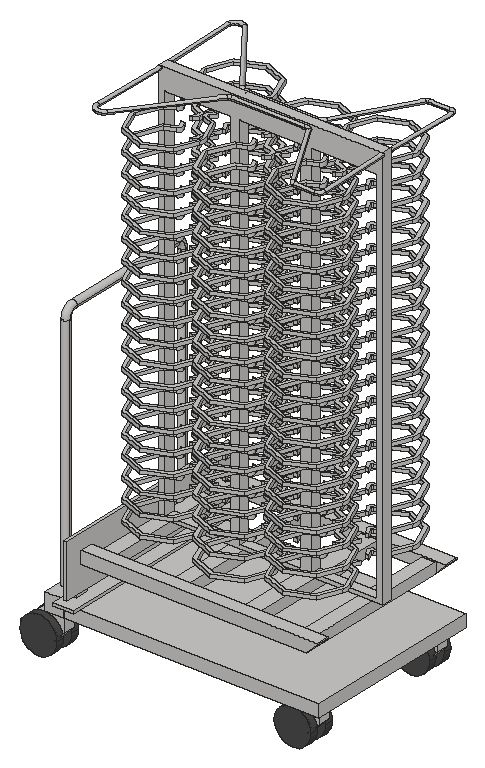
Revit family "QF_ELECTROLUXPROFESSIONAL_922764_TRBA116PL2021C", category Attrezzature speciali, Revit 2020 (continued)
Forms (mm)
  Extrusion 92, solid, material "QF_Finishes_Stainless Steel"
    sketch origin (0, 0, -165) x (1, 0, 0) y (0, 1, 0)
      loop
        line (622.82, -192.315) -> (592.098, -119.859) -> (503.779, -84.136) -> (416.069, -121.327) -> (386.559, -194.286)
        arc (386.559, -194.286) -> (383.642, -209.618) -> (386.815, -224.899) r 40
        line (386.815, -224.899) -> (417.538, -297.355) -> (452.988, -311.71)
        arc (452.988, -311.71) -> (455.84, -314.719) -> (455.442, -318.845) r 5
        line (455.442, -318.845) -> (443.228, -340) -> (456.234, -340) -> (466.099, -322.914)
        arc (466.099, -322.914) -> (467.293, -310.536) -> (458.738, -301.51) r 15
        line (458.738, -301.51) -> (426.361, -288.4) -> (392.491, -208.607) -> (428.561, -126.797) -> (504.818, -94.427)
    from 1622.45 to 1634.145
  Extrusion 93, solid, material "QF_Finishes_Stainless Steel"
    sketch origin (0, -716, -165) x (1, 0, 0) y (0, 1, 0)
      loop
        line (504.818, 94.427) -> (428.561, 126.797) -> (392.491, 208.607) -> (426.361, 288.4) -> (458.738, 301.51)
        arc (458.738, 301.51) -> (467.293, 310.536) -> (466.099, 322.914) r 15
        line (466.099, 322.914) -> (456.234, 340) -> (443.228, 340) -> (455.442, 318.845)
        arc (455.442, 318.845) -> (455.84, 314.719) -> (452.988, 311.71) r 5
        line (452.988, 311.71) -> (417.538, 297.355) -> (386.815, 224.899)
        arc (386.815, 224.899) -> (383.642, 209.618) -> (386.559, 194.286) r 40
        line (386.559, 194.286) -> (416.069, 121.327) -> (503.779, 84.136) -> (592.098, 119.859) -> (622.82, 192.315)
        arc (622.82, 192.315) -> (625.993, 207.596) -> (623.076, 222.928) r 40
        line (623.076, 222.928) -> (593.566, 295.887) -> (557.498, 311.181)
        arc (557.498, 311.181) -> (554.708, 314.196) -> (555.12, 318.284) r 5
        line (555.12, 318.284) -> (567.657, 340) -> (554.651, 340) -> (544.85, 323.024)
        arc (544.85, 323.024) -> (543.616, 310.765) -> (551.98, 301.717) r 15
        line (551.98, 301.717) -> (586.499, 287.064) -> (618.997, 206.718) -> (586.628, 130.461) -> (504.818, 94.427)
    from 1622.45 to 1634.145
  Extrusion 94, solid, material "QF_Finishes_Stainless Steel"
    sketch origin (0, 0, -231) x (1, 0, 0) y (0, 1, 0)
      loop
        line (504.818, -94.427) -> (586.628, -130.461) -> (618.997, -206.718) -> (586.499, -287.064) -> (551.98, -301.717)
        arc (551.98, -301.717) -> (543.616, -310.765) -> (544.85, -323.024) r 15
        line (544.85, -323.024) -> (554.651, -340) -> (567.657, -340) -> (555.12, -318.284)
        arc (555.12, -318.284) -> (554.708, -314.196) -> (557.498, -311.181) r 5
        line (557.498, -311.181) -> (593.566, -295.887) -> (623.076, -222.928)
        arc (623.076, -222.928) -> (625.993, -207.596) -> (622.82, -192.315) r 40
        line (622.82, -192.315) -> (592.098, -119.859) -> (503.779, -84.136) -> (416.069, -121.327) -> (386.559, -194.286)
        arc (386.559, -194.286) -> (383.642, -209.618) -> (386.815, -224.899) r 40
        line (386.815, -224.899) -> (417.538, -297.355) -> (452.988, -311.71)
        arc (452.988, -311.71) -> (455.84, -314.719) -> (455.442, -318.845) r 5
        line (455.442, -318.845) -> (443.228, -340) -> (456.234, -340) -> (466.099, -322.914)
        arc (466.099, -322.914) -> (467.293, -310.536) -> (458.738, -301.51) r 15
        line (458.738, -301.51) -> (426.361, -288.4) -> (392.491, -208.607) -> (428.561, -126.797) -> (504.818, -94.427)
    from 1622.45 to 1634.145
  Extrusion 95, solid, material "QF_Finishes_Stainless Steel"
    sketch origin (0, -716, -231) x (1, 0, 0) y (0, 1, 0)
      loop
        line (504.818, 94.427) -> (428.561, 126.797) -> (392.491, 208.607) -> (426.361, 288.4) -> (458.738, 301.51)
        arc (458.738, 301.51) -> (467.293, 310.536) -> (466.099, 322.914) r 15
        line (466.099, 322.914) -> (456.234, 340) -> (443.228, 340) -> (455.442, 318.845)
        arc (455.442, 318.845) -> (455.84, 314.719) -> (452.988, 311.71) r 5
        line (452.988, 311.71) -> (417.538, 297.355) -> (386.815, 224.899)
        arc (386.815, 224.899) -> (383.642, 209.618) -> (386.559, 194.286) r 40
        line (386.559, 194.286) -> (416.069, 121.327) -> (503.779, 84.136) -> (592.098, 119.859) -> (622.82, 192.315)
        arc (622.82, 192.315) -> (625.993, 207.596) -> (623.076, 222.928) r 40
        line (623.076, 222.928) -> (593.566, 295.887) -> (557.498, 311.181)
        arc (557.498, 311.181) -> (554.708, 314.196) -> (555.12, 318.284) r 5
        line (555.12, 318.284) -> (567.657, 340) -> (554.651, 340) -> (544.85, 323.024)
        arc (544.85, 323.024) -> (543.616, 310.765) -> (551.98, 301.717) r 15
        line (551.98, 301.717) -> (586.499, 287.064) -> (618.997, 206.718) -> (586.628, 130.461) -> (504.818, 94.427)
    from 1622.45 to 1634.145
  Extrusion 96, solid, material "QF_Finishes_Stainless Steel"
    sketch origin (0, 0, -297) x (1, 0, 0) y (0, 1, 0)
      loop
        line (504.818, -94.427) -> (586.628, -130.461) -> (618.997, -206.718) -> (586.499, -287.064) -> (551.98, -301.717)
        arc (551.98, -301.717) -> (543.616, -310.765) -> (544.85, -323.024) r 15
        line (544.85, -323.024) -> (554.651, -340) -> (567.657, -340) -> (555.12, -318.284)
        arc (555.12, -318.284) -> (554.708, -314.196) -> (557.498, -311.181) r 5
        line (557.498, -311.181) -> (593.566, -295.887) -> (623.076, -222.928)
        arc (623.076, -222.928) -> (625.993, -207.596) -> (622.82, -192.315) r 40
        line (622.82, -192.315) -> (592.098, -119.859) -> (503.779, -84.136) -> (416.069, -121.327) -> (386.559, -194.286)
        arc (386.559, -194.286) -> (383.642, -209.618) -> (386.815, -224.899) r 40
        line (386.815, -224.899) -> (417.538, -297.355) -> (452.988, -311.71)
        arc (452.988, -311.71) -> (455.84, -314.719) -> (455.442, -318.845) r 5
        line (455.442, -318.845) -> (443.228, -340) -> (456.234, -340) -> (466.099, -322.914)
        arc (466.099, -322.914) -> (467.293, -310.536) -> (458.738, -301.51) r 15
        line (458.738, -301.51) -> (426.361, -288.4) -> (392.491, -208.607) -> (428.561, -126.797) -> (504.818, -94.427)
    from 1622.45 to 1634.145
  Extrusion 97, solid, material "QF_Finishes_Stainless Steel"
    sketch origin (0, -716, -297) x (1, 0, 0) y (0, 1, 0)
      loop
        line (504.818, 94.427) -> (428.561, 126.797) -> (392.491, 208.607) -> (426.361, 288.4) -> (458.738, 301.51)
        arc (458.738, 301.51) -> (467.293, 310.536) -> (466.099, 322.914) r 15
        line (466.099, 322.914) -> (456.234, 340) -> (443.228, 340) -> (455.442, 318.845)
        arc (455.442, 318.845) -> (455.84, 314.719) -> (452.988, 311.71) r 5
        line (452.988, 311.71) -> (417.538, 297.355) -> (386.815, 224.899)
        arc (386.815, 224.899) -> (383.642, 209.618) -> (386.559, 194.286) r 40
        line (386.559, 194.286) -> (416.069, 121.327) -> (503.779, 84.136) -> (592.098, 119.859) -> (622.82, 192.315)
        arc (622.82, 192.315) -> (625.993, 207.596) -> (623.076, 222.928) r 40
        line (623.076, 222.928) -> (593.566, 295.887) -> (557.498, 311.181)
        arc (557.498, 311.181) -> (554.708, 314.196) -> (555.12, 318.284) r 5
        line (555.12, 318.284) -> (567.657, 340) -> (554.651, 340) -> (544.85, 323.024)
        arc (544.85, 323.024) -> (543.616, 310.765) -> (551.98, 301.717) r 15
        line (551.98, 301.717) -> (586.499, 287.064) -> (618.997, 206.718) -> (586.628, 130.461) -> (504.818, 94.427)
    from 1622.45 to 1634.145
  Extrusion 98, solid, material "QF_Finishes_Stainless Steel"
    sketch origin (0, 0, -363) x (1, 0, 0) y (0, 1, 0)
      loop
        line (504.818, -94.427) -> (586.628, -130.461) -> (618.997, -206.718) -> (586.499, -287.064) -> (551.98, -301.717)
        arc (551.98, -301.717) -> (543.616, -310.765) -> (544.85, -323.024) r 15
        line (544.85, -323.024) -> (554.651, -340) -> (567.657, -340) -> (555.12, -318.284)
        arc (555.12, -318.284) -> (554.708, -314.196) -> (557.498, -311.181) r 5
        line (557.498, -311.181) -> (593.566, -295.887) -> (623.076, -222.928)
        arc (623.076, -222.928) -> (625.993, -207.596) -> (622.82, -192.315) r 40
        line (622.82, -192.315) -> (592.098, -119.859) -> (503.779, -84.136) -> (416.069, -121.327) -> (386.559, -194.286)
        arc (386.559, -194.286) -> (383.642, -209.618) -> (386.815, -224.899) r 40
        line (386.815, -224.899) -> (417.538, -297.355) -> (452.988, -311.71)
        arc (452.988, -311.71) -> (455.84, -314.719) -> (455.442, -318.845) r 5
        line (455.442, -318.845) -> (443.228, -340) -> (456.234, -340) -> (466.099, -322.914)
        arc (466.099, -322.914) -> (467.293, -310.536) -> (458.738, -301.51) r 15
        line (458.738, -301.51) -> (426.361, -288.4) -> (392.491, -208.607) -> (428.561, -126.797) -> (504.818, -94.427)
    from 1622.45 to 1634.145
  Extrusion 99, solid, material "QF_Finishes_Stainless Steel"
    sketch origin (0, -716, -363) x (1, 0, 0) y (0, 1, 0)
      loop
        line (504.818, 94.427) -> (428.561, 126.797) -> (392.491, 208.607) -> (426.361, 288.4) -> (458.738, 301.51)
        arc (458.738, 301.51) -> (467.293, 310.536) -> (466.099, 322.914) r 15
        line (466.099, 322.914) -> (456.234, 340) -> (443.228, 340) -> (455.442, 318.845)
        arc (455.442, 318.845) -> (455.84, 314.719) -> (452.988, 311.71) r 5
        line (452.988, 311.71) -> (417.538, 297.355) -> (386.815, 224.899)
        arc (386.815, 224.899) -> (383.642, 209.618) -> (386.559, 194.286) r 40
        line (386.559, 194.286) -> (416.069, 121.327) -> (503.779, 84.136) -> (592.098, 119.859) -> (622.82, 192.315)
        arc (622.82, 192.315) -> (625.993, 207.596) -> (623.076, 222.928) r 40
        line (623.076, 222.928) -> (593.566, 295.887) -> (557.498, 311.181)
        arc (557.498, 311.181) -> (554.708, 314.196) -> (555.12, 318.284) r 5
        line (555.12, 318.284) -> (567.657, 340) -> (554.651, 340) -> (544.85, 323.024)
        arc (544.85, 323.024) -> (543.616, 310.765) -> (551.98, 301.717) r 15
        line (551.98, 301.717) -> (586.499, 287.064) -> (618.997, 206.718) -> (586.628, 130.461) -> (504.818, 94.427)
    from 1622.45 to 1634.145
  Extrusion 100, solid, material "QF_Finishes_Stainless Steel"
    sketch origin (0, 0, -429) x (1, 0, 0) y (0, 1, 0)
      loop
        line (504.818, -94.427) -> (586.628, -130.461) -> (618.997, -206.718) -> (586.499, -287.064) -> (551.98, -301.717)
        arc (551.98, -301.717) -> (543.616, -310.765) -> (544.85, -323.024) r 15
        line (544.85, -323.024) -> (554.651, -340) -> (567.657, -340) -> (555.12, -318.284)
        arc (555.12, -318.284) -> (554.708, -314.196) -> (557.498, -311.181) r 5
        line (557.498, -311.181) -> (593.566, -295.887) -> (623.076, -222.928)
        arc (623.076, -222.928) -> (625.993, -207.596) -> (622.82, -192.315) r 40
        line (622.82, -192.315) -> (592.098, -119.859) -> (503.779, -84.136) -> (416.069, -121.327) -> (386.559, -194.286)
        arc (386.559, -194.286) -> (383.642, -209.618) -> (386.815, -224.899) r 40
        line (386.815, -224.899) -> (417.538, -297.355) -> (452.988, -311.71)
        arc (452.988, -311.71) -> (455.84, -314.719) -> (455.442, -318.845) r 5
        line (455.442, -318.845) -> (443.228, -340) -> (456.234, -340) -> (466.099, -322.914)
        arc (466.099, -322.914) -> (467.293, -310.536) -> (458.738, -301.51) r 15
        line (458.738, -301.51) -> (426.361, -288.4) -> (392.491, -208.607) -> (428.561, -126.797) -> (504.818, -94.427)
    from 1622.45 to 1634.145
  Extrusion 101, solid, material "QF_Finishes_Stainless Steel"
    sketch origin (0, -716, -429) x (1, 0, 0) y (0, 1, 0)
      loop
        line (504.818, 94.427) -> (428.561, 126.797) -> (392.491, 208.607) -> (426.361, 288.4) -> (458.738, 301.51)
        arc (458.738, 301.51) -> (467.293, 310.536) -> (466.099, 322.914) r 15
        line (466.099, 322.914) -> (456.234, 340) -> (443.228, 340) -> (455.442, 318.845)
        arc (455.442, 318.845) -> (455.84, 314.719) -> (452.988, 311.71) r 5
        line (452.988, 311.71) -> (417.538, 297.355) -> (386.815, 224.899)
        arc (386.815, 224.899) -> (383.642, 209.618) -> (386.559, 194.286) r 40
        line (386.559, 194.286) -> (416.069, 121.327) -> (503.779, 84.136) -> (592.098, 119.859) -> (622.82, 192.315)
        arc (622.82, 192.315) -> (625.993, 207.596) -> (623.076, 222.928) r 40
        line (623.076, 222.928) -> (593.566, 295.887) -> (557.498, 311.181)
        arc (557.498, 311.181) -> (554.708, 314.196) -> (555.12, 318.284) r 5
        line (555.12, 318.284) -> (567.657, 340) -> (554.651, 340) -> (544.85, 323.024)
        arc (544.85, 323.024) -> (543.616, 310.765) -> (551.98, 301.717) r 15
        line (551.98, 301.717) -> (586.499, 287.064) -> (618.997, 206.718) -> (586.628, 130.461) -> (504.818, 94.427)
    from 1622.45 to 1634.145
  Extrusion 102, solid, material "QF_Finishes_Stainless Steel"
    sketch origin (0, 0, -495) x (1, 0, 0) y (0, 1, 0)
      loop
        line (504.818, -94.427) -> (586.628, -130.461) -> (618.997, -206.718) -> (586.499, -287.064) -> (551.98, -301.717)
        arc (551.98, -301.717) -> (543.616, -310.765) -> (544.85, -323.024) r 15
        line (544.85, -323.024) -> (554.651, -340) -> (567.657, -340) -> (555.12, -318.284)
        arc (555.12, -318.284) -> (554.708, -314.196) -> (557.498, -311.181) r 5
        line (557.498, -311.181) -> (593.566, -295.887) -> (623.076, -222.928)
        arc (623.076, -222.928) -> (625.993, -207.596) -> (622.82, -192.315) r 40
        line (622.82, -192.315) -> (592.098, -119.859) -> (503.779, -84.136) -> (416.069, -121.327) -> (386.559, -194.286)
        arc (386.559, -194.286) -> (383.642, -209.618) -> (386.815, -224.899) r 40
        line (386.815, -224.899) -> (417.538, -297.355) -> (452.988, -311.71)
        arc (452.988, -311.71) -> (455.84, -314.719) -> (455.442, -318.845) r 5
        line (455.442, -318.845) -> (443.228, -340) -> (456.234, -340) -> (466.099, -322.914)
        arc (466.099, -322.914) -> (467.293, -310.536) -> (458.738, -301.51) r 15
        line (458.738, -301.51) -> (426.361, -288.4) -> (392.491, -208.607) -> (428.561, -126.797) -> (504.818, -94.427)
    from 1622.45 to 1634.145
  Extrusion 103, solid, material "QF_Finishes_Stainless Steel"
    sketch origin (0, -716, -495) x (1, 0, 0) y (0, 1, 0)
      loop
        line (504.818, 94.427) -> (428.561, 126.797) -> (392.491, 208.607) -> (426.361, 288.4) -> (458.738, 301.51)
        arc (458.738, 301.51) -> (467.293, 310.536) -> (466.099, 322.914) r 15
        line (466.099, 322.914) -> (456.234, 340) -> (443.228, 340) -> (455.442, 318.845)
        arc (455.442, 318.845) -> (455.84, 314.719) -> (452.988, 311.71) r 5
        line (452.988, 311.71) -> (417.538, 297.355) -> (386.815, 224.899)
        arc (386.815, 224.899) -> (383.642, 209.618) -> (386.559, 194.286) r 40
        line (386.559, 194.286) -> (416.069, 121.327) -> (503.779, 84.136) -> (592.098, 119.859) -> (622.82, 192.315)
        arc (622.82, 192.315) -> (625.993, 207.596) -> (623.076, 222.928) r 40
        line (623.076, 222.928) -> (593.566, 295.887) -> (557.498, 311.181)
        arc (557.498, 311.181) -> (554.708, 314.196) -> (555.12, 318.284) r 5
        line (555.12, 318.284) -> (567.657, 340) -> (554.651, 340) -> (544.85, 323.024)
        arc (544.85, 323.024) -> (543.616, 310.765) -> (551.98, 301.717) r 15
        line (551.98, 301.717) -> (586.499, 287.064) -> (618.997, 206.718) -> (586.628, 130.461) -> (504.818, 94.427)
    from 1622.45 to 1634.145
  Extrusion 104, solid, material "QF_Finishes_Stainless Steel"
    sketch origin (0, 0, -561) x (1, 0, 0) y (0, 1, 0)
      loop
        line (504.818, -94.427) -> (586.628, -130.461) -> (618.997, -206.718) -> (586.499, -287.064) -> (551.98, -301.717)
        arc (551.98, -301.717) -> (543.616, -310.765) -> (544.85, -323.024) r 15
        line (544.85, -323.024) -> (554.651, -340) -> (567.657, -340) -> (555.12, -318.284)
        arc (555.12, -318.284) -> (554.708, -314.196) -> (557.498, -311.181) r 5
        line (557.498, -311.181) -> (593.566, -295.887) -> (623.076, -222.928)
        arc (623.076, -222.928) -> (625.993, -207.596) -> (622.82, -192.315) r 40
        line (622.82, -192.315) -> (592.098, -119.859) -> (503.779, -84.136) -> (416.069, -121.327) -> (386.559, -194.286)
        arc (386.559, -194.286) -> (383.642, -209.618) -> (386.815, -224.899) r 40
        line (386.815, -224.899) -> (417.538, -297.355) -> (452.988, -311.71)
        arc (452.988, -311.71) -> (455.84, -314.719) -> (455.442, -318.845) r 5
        line (455.442, -318.845) -> (443.228, -340) -> (456.234, -340) -> (466.099, -322.914)
        arc (466.099, -322.914) -> (467.293, -310.536) -> (458.738, -301.51) r 15
        line (458.738, -301.51) -> (426.361, -288.4) -> (392.491, -208.607) -> (428.561, -126.797) -> (504.818, -94.427)
    from 1622.45 to 1634.145
  Extrusion 105, solid, material "QF_Finishes_Stainless Steel"
    sketch origin (0, -716, -561) x (1, 0, 0) y (0, 1, 0)
      loop
        line (504.818, 94.427) -> (428.561, 126.797) -> (392.491, 208.607) -> (426.361, 288.4) -> (458.738, 301.51)
        arc (458.738, 301.51) -> (467.293, 310.536) -> (466.099, 322.914) r 15
        line (466.099, 322.914) -> (456.234, 340) -> (443.228, 340) -> (455.442, 318.845)
        arc (455.442, 318.845) -> (455.84, 314.719) -> (452.988, 311.71) r 5
        line (452.988, 311.71) -> (417.538, 297.355) -> (386.815, 224.899)
        arc (386.815, 224.899) -> (383.642, 209.618) -> (386.559, 194.286) r 40
        line (386.559, 194.286) -> (416.069, 121.327) -> (503.779, 84.136) -> (592.098, 119.859) -> (622.82, 192.315)
        arc (622.82, 192.315) -> (625.993, 207.596) -> (623.076, 222.928) r 40
        line (623.076, 222.928) -> (593.566, 295.887) -> (557.498, 311.181)
        arc (557.498, 311.181) -> (554.708, 314.196) -> (555.12, 318.284) r 5
        line (555.12, 318.284) -> (567.657, 340) -> (554.651, 340) -> (544.85, 323.024)
        arc (544.85, 323.024) -> (543.616, 310.765) -> (551.98, 301.717) r 15
        line (551.98, 301.717) -> (586.499, 287.064) -> (618.997, 206.718) -> (586.628, 130.461) -> (504.818, 94.427)
    from 1622.45 to 1634.145
  Extrusion 106, solid, material "QF_Finishes_Stainless Steel"
    sketch origin (0, 0, -627) x (1, 0, 0) y (0, 1, 0)
      loop
        line (504.818, -94.427) -> (586.628, -130.461) -> (618.997, -206.718) -> (586.499, -287.064) -> (551.98, -301.717)
        arc (551.98, -301.717) -> (543.616, -310.765) -> (544.85, -323.024) r 15
        line (544.85, -323.024) -> (554.651, -340) -> (567.657, -340) -> (555.12, -318.284)
        arc (555.12, -318.284) -> (554.708, -314.196) -> (557.498, -311.181) r 5
        line (557.498, -311.181) -> (593.566, -295.887) -> (623.076, -222.928)
        arc (623.076, -222.928) -> (625.993, -207.596) -> (622.82, -192.315) r 40
        line (622.82, -192.315) -> (592.098, -119.859) -> (503.779, -84.136) -> (416.069, -121.327) -> (386.559, -194.286)
        arc (386.559, -194.286) -> (383.642, -209.618) -> (386.815, -224.899) r 40
        line (386.815, -224.899) -> (417.538, -297.355) -> (452.988, -311.71)
        arc (452.988, -311.71) -> (455.84, -314.719) -> (455.442, -318.845) r 5
        line (455.442, -318.845) -> (443.228, -340) -> (456.234, -340) -> (466.099, -322.914)
        arc (466.099, -322.914) -> (467.293, -310.536) -> (458.738, -301.51) r 15
        line (458.738, -301.51) -> (426.361, -288.4) -> (392.491, -208.607) -> (428.561, -126.797) -> (504.818, -94.427)
    from 1622.45 to 1634.145
  Extrusion 107, solid, material "QF_Finishes_Stainless Steel"
    sketch origin (0, -716, -627) x (1, 0, 0) y (0, 1, 0)
      loop
        line (504.818, 94.427) -> (428.561, 126.797) -> (392.491, 208.607) -> (426.361, 288.4) -> (458.738, 301.51)
        arc (458.738, 301.51) -> (467.293, 310.536) -> (466.099, 322.914) r 15
        line (466.099, 322.914) -> (456.234, 340) -> (443.228, 340) -> (455.442, 318.845)
        arc (455.442, 318.845) -> (455.84, 314.719) -> (452.988, 311.71) r 5
        line (452.988, 311.71) -> (417.538, 297.355) -> (386.815, 224.899)
        arc (386.815, 224.899) -> (383.642, 209.618) -> (386.559, 194.286) r 40
        line (386.559, 194.286) -> (416.069, 121.327) -> (503.779, 84.136) -> (592.098, 119.859) -> (622.82, 192.315)
        arc (622.82, 192.315) -> (625.993, 207.596) -> (623.076, 222.928) r 40
        line (623.076, 222.928) -> (593.566, 295.887) -> (557.498, 311.181)
        arc (557.498, 311.181) -> (554.708, 314.196) -> (555.12, 318.284) r 5
        line (555.12, 318.284) -> (567.657, 340) -> (554.651, 340) -> (544.85, 323.024)
        arc (544.85, 323.024) -> (543.616, 310.765) -> (551.98, 301.717) r 15
        line (551.98, 301.717) -> (586.499, 287.064) -> (618.997, 206.718) -> (586.628, 130.461) -> (504.818, 94.427)
    from 1622.45 to 1634.145
  Extrusion 108, solid, material "QF_Finishes_Stainless Steel"
    sketch origin (0, 0, -693) x (1, 0, 0) y (0, 1, 0)
      loop
        line (504.818, -94.427) -> (586.628, -130.461) -> (618.997, -206.718) -> (586.499, -287.064) -> (551.98, -301.717)
        arc (551.98, -301.717) -> (543.616, -310.765) -> (544.85, -323.024) r 15
        line (544.85, -323.024) -> (554.651, -340) -> (567.657, -340) -> (555.12, -318.284)
        arc (555.12, -318.284) -> (554.708, -314.196) -> (557.498, -311.181) r 5
        line (557.498, -311.181) -> (593.566, -295.887) -> (623.076, -222.928)
        arc (623.076, -222.928) -> (625.993, -207.596) -> (622.82, -192.315) r 40
        line (622.82, -192.315) -> (592.098, -119.859) -> (503.779, -84.136) -> (416.069, -121.327) -> (386.559, -194.286)
        arc (386.559, -194.286) -> (383.642, -209.618) -> (386.815, -224.899) r 40
        line (386.815, -224.899) -> (417.538, -297.355) -> (452.988, -311.71)
        arc (452.988, -311.71) -> (455.84, -314.719) -> (455.442, -318.845) r 5
        line (455.442, -318.845) -> (443.228, -340) -> (456.234, -340) -> (466.099, -322.914)
        arc (466.099, -322.914) -> (467.293, -310.536) -> (458.738, -301.51) r 15
        line (458.738, -301.51) -> (426.361, -288.4) -> (392.491, -208.607) -> (428.561, -126.797) -> (504.818, -94.427)
    from 1622.45 to 1634.145
  Extrusion 109, solid, material "QF_Finishes_Stainless Steel"
    sketch origin (0, -716, -693) x (1, 0, 0) y (0, 1, 0)
      loop
        line (504.818, 94.427) -> (428.561, 126.797) -> (392.491, 208.607) -> (426.361, 288.4) -> (458.738, 301.51)
        arc (458.738, 301.51) -> (467.293, 310.536) -> (466.099, 322.914) r 15
        line (466.099, 322.914) -> (456.234, 340) -> (443.228, 340) -> (455.442, 318.845)
        arc (455.442, 318.845) -> (455.84, 314.719) -> (452.988, 311.71) r 5
        line (452.988, 311.71) -> (417.538, 297.355) -> (386.815, 224.899)
        arc (386.815, 224.899) -> (383.642, 209.618) -> (386.559, 194.286) r 40
        line (386.559, 194.286) -> (416.069, 121.327) -> (503.779, 84.136) -> (592.098, 119.859) -> (622.82, 192.315)
        arc (622.82, 192.315) -> (625.993, 207.596) -> (623.076, 222.928) r 40
        line (623.076, 222.928) -> (593.566, 295.887) -> (557.498, 311.181)
        arc (557.498, 311.181) -> (554.708, 314.196) -> (555.12, 318.284) r 5
        line (555.12, 318.284) -> (567.657, 340) -> (554.651, 340) -> (544.85, 323.024)
        arc (544.85, 323.024) -> (543.616, 310.765) -> (551.98, 301.717) r 15
        line (551.98, 301.717) -> (586.499, 287.064) -> (618.997, 206.718) -> (586.628, 130.461) -> (504.818, 94.427)
    from 1622.45 to 1634.145
  Extrusion 110, solid, material "QF_Finishes_Stainless Steel"
    sketch origin (0, 0, -759) x (1, 0, 0) y (0, 1, 0)
      loop
        line (504.818, -94.427) -> (586.628, -130.461) -> (618.997, -206.718) -> (586.499, -287.064) -> (551.98, -301.717)
        arc (551.98, -301.717) -> (543.616, -310.765) -> (544.85, -323.024) r 15
        line (544.85, -323.024) -> (554.651, -340) -> (567.657, -340) -> (555.12, -318.284)
        arc (555.12, -318.284) -> (554.708, -314.196) -> (557.498, -311.181) r 5
        line (557.498, -311.181) -> (593.566, -295.887) -> (623.076, -222.928)
        arc (623.076, -222.928) -> (625.993, -207.596) -> (622.82, -192.315) r 40
        line (622.82, -192.315) -> (592.098, -119.859) -> (503.779, -84.136) -> (416.069, -121.327) -> (386.559, -194.286)
        arc (386.559, -194.286) -> (383.642, -209.618) -> (386.815, -224.899) r 40
        line (386.815, -224.899) -> (417.538, -297.355) -> (452.988, -311.71)
        arc (452.988, -311.71) -> (455.84, -314.719) -> (455.442, -318.845) r 5
        line (455.442, -318.845) -> (443.228, -340) -> (456.234, -340) -> (466.099, -322.914)
        arc (466.099, -322.914) -> (467.293, -310.536) -> (458.738, -301.51) r 15
        line (458.738, -301.51) -> (426.361, -288.4) -> (392.491, -208.607) -> (428.561, -126.797) -> (504.818, -94.427)
    from 1622.45 to 1634.145
  Extrusion 111, solid, material "QF_Finishes_Stainless Steel"
    sketch origin (0, -716, -759) x (1, 0, 0) y (0, 1, 0)
      loop
        line (504.818, 94.427) -> (428.561, 126.797) -> (392.491, 208.607) -> (426.361, 288.4) -> (458.738, 301.51)
        arc (458.738, 301.51) -> (467.293, 310.536) -> (466.099, 322.914) r 15
        line (466.099, 322.914) -> (456.234, 340) -> (443.228, 340) -> (455.442, 318.845)
        arc (455.442, 318.845) -> (455.84, 314.719) -> (452.988, 311.71) r 5
        line (452.988, 311.71) -> (417.538, 297.355) -> (386.815, 224.899)
        arc (386.815, 224.899) -> (383.642, 209.618) -> (386.559, 194.286) r 40
        line (386.559, 194.286) -> (416.069, 121.327) -> (503.779, 84.136) -> (592.098, 119.859) -> (622.82, 192.315)
        arc (622.82, 192.315) -> (625.993, 207.596) -> (623.076, 222.928) r 40
        line (623.076, 222.928) -> (593.566, 295.887) -> (557.498, 311.181)
        arc (557.498, 311.181) -> (554.708, 314.196) -> (555.12, 318.284) r 5
        line (555.12, 318.284) -> (567.657, 340) -> (554.651, 340) -> (544.85, 323.024)
        arc (544.85, 323.024) -> (543.616, 310.765) -> (551.98, 301.717) r 15
        line (551.98, 301.717) -> (586.499, 287.064) -> (618.997, 206.718) -> (586.628, 130.461) -> (504.818, 94.427)
    from 1622.45 to 1634.145
  Extrusion 112, solid, material "QF_Finishes_Stainless Steel"
    sketch origin (0, 0, -825) x (1, 0, 0) y (0, 1, 0)
      loop
        line (504.818, -94.427) -> (586.628, -130.461) -> (618.997, -206.718) -> (586.499, -287.064) -> (551.98, -301.717)
        arc (551.98, -301.717) -> (543.616, -310.765) -> (544.85, -323.024) r 15
        line (544.85, -323.024) -> (554.651, -340) -> (567.657, -340) -> (555.12, -318.284)
        arc (555.12, -318.284) -> (554.708, -314.196) -> (557.498, -311.181) r 5
        line (557.498, -311.181) -> (593.566, -295.887) -> (623.076, -222.928)
        arc (623.076, -222.928) -> (625.993, -207.596) -> (622.82, -192.315) r 40
        line (622.82, -192.315) -> (592.098, -119.859) -> (503.779, -84.136) -> (416.069, -121.327) -> (386.559, -194.286)
        arc (386.559, -194.286) -> (383.642, -209.618) -> (386.815, -224.899) r 40
        line (386.815, -224.899) -> (417.538, -297.355) -> (452.988, -311.71)
        arc (452.988, -311.71) -> (455.84, -314.719) -> (455.442, -318.845) r 5
        line (455.442, -318.845) -> (443.228, -340) -> (456.234, -340) -> (466.099, -322.914)
        arc (466.099, -322.914) -> (467.293, -310.536) -> (458.738, -301.51) r 15
        line (458.738, -301.51) -> (426.361, -288.4) -> (392.491, -208.607) -> (428.561, -126.797) -> (504.818, -94.427)
    from 1622.45 to 1634.145
  Extrusion 113, solid, material "QF_Finishes_Stainless Steel"
    sketch origin (0, -716, -825) x (1, 0, 0) y (0, 1, 0)
      loop
        line (504.818, 94.427) -> (428.561, 126.797) -> (392.491, 208.607) -> (426.361, 288.4) -> (458.738, 301.51)
        arc (458.738, 301.51) -> (467.293, 310.536) -> (466.099, 322.914) r 15
        line (466.099, 322.914) -> (456.234, 340) -> (443.228, 340) -> (455.442, 318.845)
        arc (455.442, 318.845) -> (455.84, 314.719) -> (452.988, 311.71) r 5
        line (452.988, 311.71) -> (417.538, 297.355) -> (386.815, 224.899)
        arc (386.815, 224.899) -> (383.642, 209.618) -> (386.559, 194.286) r 40
        line (386.559, 194.286) -> (416.069, 121.327) -> (503.779, 84.136) -> (592.098, 119.859) -> (622.82, 192.315)
        arc (622.82, 192.315) -> (625.993, 207.596) -> (623.076, 222.928) r 40
        line (623.076, 222.928) -> (593.566, 295.887) -> (557.498, 311.181)
        arc (557.498, 311.181) -> (554.708, 314.196) -> (555.12, 318.284) r 5
        line (555.12, 318.284) -> (567.657, 340) -> (554.651, 340) -> (544.85, 323.024)
        arc (544.85, 323.024) -> (543.616, 310.765) -> (551.98, 301.717) r 15
        line (551.98, 301.717) -> (586.499, 287.064) -> (618.997, 206.718) -> (586.628, 130.461) -> (504.818, 94.427)
    from 1622.45 to 1634.145
  Extrusion 114, solid, material "QF_Finishes_Stainless Steel"
    sketch origin (0, 0, -891) x (1, 0, 0) y (0, 1, 0)
      loop
        line (504.818, -94.427) -> (586.628, -130.461) -> (618.997, -206.718) -> (586.499, -287.064) -> (551.98, -301.717)
        arc (551.98, -301.717) -> (543.616, -310.765) -> (544.85, -323.024) r 15
        line (544.85, -323.024) -> (554.651, -340) -> (567.657, -340) -> (555.12, -318.284)
        arc (555.12, -318.284) -> (554.708, -314.196) -> (557.498, -311.181) r 5
        line (557.498, -311.181) -> (593.566, -295.887) -> (623.076, -222.928)
        arc (623.076, -222.928) -> (625.993, -207.596) -> (622.82, -192.315) r 40
        line (622.82, -192.315) -> (592.098, -119.859) -> (503.779, -84.136) -> (416.069, -121.327) -> (386.559, -194.286)
        arc (386.559, -194.286) -> (383.642, -209.618) -> (386.815, -224.899) r 40
        line (386.815, -224.899) -> (417.538, -297.355) -> (452.988, -311.71)
        arc (452.988, -311.71) -> (455.84, -314.719) -> (455.442, -318.845) r 5
        line (455.442, -318.845) -> (443.228, -340) -> (456.234, -340) -> (466.099, -322.914)
        arc (466.099, -322.914) -> (467.293, -310.536) -> (458.738, -301.51) r 15
        line (458.738, -301.51) -> (426.361, -288.4) -> (392.491, -208.607) -> (428.561, -126.797) -> (504.818, -94.427)
    from 1622.45 to 1634.145
  Extrusion 115, solid, material "QF_Finishes_Stainless Steel"
    sketch origin (0, -716, -891) x (1, 0, 0) y (0, 1, 0)
      loop
        line (504.818, 94.427) -> (428.561, 126.797) -> (392.491, 208.607) -> (426.361, 288.4) -> (458.738, 301.51)
        arc (458.738, 301.51) -> (467.293, 310.536) -> (466.099, 322.914) r 15
        line (466.099, 322.914) -> (456.234, 340) -> (443.228, 340) -> (455.442, 318.845)
        arc (455.442, 318.845) -> (455.84, 314.719) -> (452.988, 311.71) r 5
        line (452.988, 311.71) -> (417.538, 297.355) -> (386.815, 224.899)
        arc (386.815, 224.899) -> (383.642, 209.618) -> (386.559, 194.286) r 40
        line (386.559, 194.286) -> (416.069, 121.327) -> (503.779, 84.136) -> (592.098, 119.859) -> (622.82, 192.315)
        arc (622.82, 192.315) -> (625.993, 207.596) -> (623.076, 222.928) r 40
        line (623.076, 222.928) -> (593.566, 295.887) -> (557.498, 311.181)
        arc (557.498, 311.181) -> (554.708, 314.196) -> (555.12, 318.284) r 5
        line (555.12, 318.284) -> (567.657, 340) -> (554.651, 340) -> (544.85, 323.024)
        arc (544.85, 323.024) -> (543.616, 310.765) -> (551.98, 301.717) r 15
        line (551.98, 301.717) -> (586.499, 287.064) -> (618.997, 206.718) -> (586.628, 130.461) -> (504.818, 94.427)
    from 1622.45 to 1634.145
  Extrusion 116, solid, material "QF_Finishes_Stainless Steel"
    sketch origin (0, 0, -957) x (1, 0, 0) y (0, 1, 0)
      loop
        line (504.818, -94.427) -> (586.628, -130.461) -> (618.997, -206.718) -> (586.499, -287.064) -> (551.98, -301.717)
        arc (551.98, -301.717) -> (543.616, -310.765) -> (544.85, -323.024) r 15
        line (544.85, -323.024) -> (554.651, -340) -> (567.657, -340) -> (555.12, -318.284)
        arc (555.12, -318.284) -> (554.708, -314.196) -> (557.498, -311.181) r 5
        line (557.498, -311.181) -> (593.566, -295.887) -> (623.076, -222.928)
        arc (623.076, -222.928) -> (625.993, -207.596) -> (622.82, -192.315) r 40
        line (622.82, -192.315) -> (592.098, -119.859) -> (503.779, -84.136) -> (416.069, -121.327) -> (386.559, -194.286)
        arc (386.559, -194.286) -> (383.642, -209.618) -> (386.815, -224.899) r 40
        line (386.815, -224.899) -> (417.538, -297.355) -> (452.988, -311.71)
        arc (452.988, -311.71) -> (455.84, -314.719) -> (455.442, -318.845) r 5
        line (455.442, -318.845) -> (443.228, -340) -> (456.234, -340) -> (466.099, -322.914)
        arc (466.099, -322.914) -> (467.293, -310.536) -> (458.738, -301.51) r 15
        line (458.738, -301.51) -> (426.361, -288.4) -> (392.491, -208.607) -> (428.561, -126.797) -> (504.818, -94.427)
    from 1622.45 to 1634.145
  Extrusion 117, solid, material "QF_Finishes_Stainless Steel"
    sketch origin (0, -716, -957) x (1, 0, 0) y (0, 1, 0)
      loop
        line (504.818, 94.427) -> (428.561, 126.797) -> (392.491, 208.607) -> (426.361, 288.4) -> (458.738, 301.51)
        arc (458.738, 301.51) -> (467.293, 310.536) -> (466.099, 322.914) r 15
        line (466.099, 322.914) -> (456.234, 340) -> (443.228, 340) -> (455.442, 318.845)
        arc (455.442, 318.845) -> (455.84, 314.719) -> (452.988, 311.71) r 5
        line (452.988, 311.71) -> (417.538, 297.355) -> (386.815, 224.899)
        arc (386.815, 224.899) -> (383.642, 209.618) -> (386.559, 194.286) r 40
        line (386.559, 194.286) -> (416.069, 121.327) -> (503.779, 84.136) -> (592.098, 119.859) -> (622.82, 192.315)
        arc (622.82, 192.315) -> (625.993, 207.596) -> (623.076, 222.928) r 40
        line (623.076, 222.928) -> (593.566, 295.887) -> (557.498, 311.181)
        arc (557.498, 311.181) -> (554.708, 314.196) -> (555.12, 318.284) r 5
        line (555.12, 318.284) -> (567.657, 340) -> (554.651, 340) -> (544.85, 323.024)
        arc (544.85, 323.024) -> (543.616, 310.765) -> (551.98, 301.717) r 15
        line (551.98, 301.717) -> (586.499, 287.064) -> (618.997, 206.718) -> (586.628, 130.461) -> (504.818, 94.427)
    from 1622.45 to 1634.145
  Extrusion 118, solid, material "QF_Finishes_Stainless Steel"
    sketch origin (0, 0, -1023) x (1, 0, 0) y (0, 1, 0)
      loop
        line (504.818, -94.427) -> (586.628, -130.461) -> (618.997, -206.718) -> (586.499, -287.064) -> (551.98, -301.717)
        arc (551.98, -301.717) -> (543.616, -310.765) -> (544.85, -323.024) r 15
        line (544.85, -323.024) -> (554.651, -340) -> (567.657, -340) -> (555.12, -318.284)
        arc (555.12, -318.284) -> (554.708, -314.196) -> (557.498, -311.181) r 5
        line (557.498, -311.181) -> (593.566, -295.887) -> (623.076, -222.928)
        arc (623.076, -222.928) -> (625.993, -207.596) -> (622.82, -192.315) r 40
        line (622.82, -192.315) -> (592.098, -119.859) -> (503.779, -84.136) -> (416.069, -121.327) -> (386.559, -194.286)
        arc (386.559, -194.286) -> (383.642, -209.618) -> (386.815, -224.899) r 40
        line (386.815, -224.899) -> (417.538, -297.355) -> (452.988, -311.71)
        arc (452.988, -311.71) -> (455.84, -314.719) -> (455.442, -318.845) r 5
        line (455.442, -318.845) -> (443.228, -340) -> (456.234, -340) -> (466.099, -322.914)
        arc (466.099, -322.914) -> (467.293, -310.536) -> (458.738, -301.51) r 15
        line (458.738, -301.51) -> (426.361, -288.4) -> (392.491, -208.607) -> (428.561, -126.797) -> (504.818, -94.427)
    from 1622.45 to 1634.145
  Extrusion 119, solid, material "QF_Finishes_Stainless Steel"
    sketch origin (0, -716, -1023) x (1, 0, 0) y (0, 1, 0)
      loop
        line (504.818, 94.427) -> (428.561, 126.797) -> (392.491, 208.607) -> (426.361, 288.4) -> (458.738, 301.51)
        arc (458.738, 301.51) -> (467.293, 310.536) -> (466.099, 322.914) r 15
        line (466.099, 322.914) -> (456.234, 340) -> (443.228, 340) -> (455.442, 318.845)
        arc (455.442, 318.845) -> (455.84, 314.719) -> (452.988, 311.71) r 5
        line (452.988, 311.71) -> (417.538, 297.355) -> (386.815, 224.899)
        arc (386.815, 224.899) -> (383.642, 209.618) -> (386.559, 194.286) r 40
        line (386.559, 194.286) -> (416.069, 121.327) -> (503.779, 84.136) -> (592.098, 119.859) -> (622.82, 192.315)
        arc (622.82, 192.315) -> (625.993, 207.596) -> (623.076, 222.928) r 40
        line (623.076, 222.928) -> (593.566, 295.887) -> (557.498, 311.181)
        arc (557.498, 311.181) -> (554.708, 314.196) -> (555.12, 318.284) r 5
        line (555.12, 318.284) -> (567.657, 340) -> (554.651, 340) -> (544.85, 323.024)
        arc (544.85, 323.024) -> (543.616, 310.765) -> (551.98, 301.717) r 15
        line (551.98, 301.717) -> (586.499, 287.064) -> (618.997, 206.718) -> (586.628, 130.461) -> (504.818, 94.427)
    from 1622.45 to 1634.145
  Extrusion 120, solid, material "QF_Finishes_Stainless Steel"
    sketch origin (0, 0, -1089) x (1, 0, 0) y (0, 1, 0)
      loop
        line (504.818, -94.427) -> (586.628, -130.461) -> (618.997, -206.718) -> (586.499, -287.064) -> (551.98, -301.717)
        arc (551.98, -301.717) -> (543.616, -310.765) -> (544.85, -323.024) r 15
        line (544.85, -323.024) -> (554.651, -340) -> (567.657, -340) -> (555.12, -318.284)
        arc (555.12, -318.284) -> (554.708, -314.196) -> (557.498, -311.181) r 5
        line (557.498, -311.181) -> (593.566, -295.887) -> (623.076, -222.928)
        arc (623.076, -222.928) -> (625.993, -207.596) -> (622.82, -192.315) r 40
        line (622.82, -192.315) -> (592.098, -119.859) -> (503.779, -84.136) -> (416.069, -121.327) -> (386.559, -194.286)
        arc (386.559, -194.286) -> (383.642, -209.618) -> (386.815, -224.899) r 40
        line (386.815, -224.899) -> (417.538, -297.355) -> (452.988, -311.71)
        arc (452.988, -311.71) -> (455.84, -314.719) -> (455.442, -318.845) r 5
        line (455.442, -318.845) -> (443.228, -340) -> (456.234, -340) -> (466.099, -322.914)
        arc (466.099, -322.914) -> (467.293, -310.536) -> (458.738, -301.51) r 15
        line (458.738, -301.51) -> (426.361, -288.4) -> (392.491, -208.607) -> (428.561, -126.797) -> (504.818, -94.427)
    from 1622.45 to 1634.145
  Extrusion 121, solid, material "QF_Finishes_Stainless Steel"
    sketch origin (0, -716, -1089) x (1, 0, 0) y (0, 1, 0)
      loop
        line (504.818, 94.427) -> (428.561, 126.797) -> (392.491, 208.607) -> (426.361, 288.4) -> (458.738, 301.51)
        arc (458.738, 301.51) -> (467.293, 310.536) -> (466.099, 322.914) r 15
        line (466.099, 322.914) -> (456.234, 340) -> (443.228, 340) -> (455.442, 318.845)
        arc (455.442, 318.845) -> (455.84, 314.719) -> (452.988, 311.71) r 5
        line (452.988, 311.71) -> (417.538, 297.355) -> (386.815, 224.899)
        arc (386.815, 224.899) -> (383.642, 209.618) -> (386.559, 194.286) r 40
        line (386.559, 194.286) -> (416.069, 121.327) -> (503.779, 84.136) -> (592.098, 119.859) -> (622.82, 192.315)
        arc (622.82, 192.315) -> (625.993, 207.596) -> (623.076, 222.928) r 40
        line (623.076, 222.928) -> (593.566, 295.887) -> (557.498, 311.181)
        arc (557.498, 311.181) -> (554.708, 314.196) -> (555.12, 318.284) r 5
        line (555.12, 318.284) -> (567.657, 340) -> (554.651, 340) -> (544.85, 323.024)
        arc (544.85, 323.024) -> (543.616, 310.765) -> (551.98, 301.717) r 15
        line (551.98, 301.717) -> (586.499, 287.064) -> (618.997, 206.718) -> (586.628, 130.461) -> (504.818, 94.427)
    from 1622.45 to 1634.145
  Extrusion 122, solid, material "QF_Finishes_Stainless Steel"
    sketch origin (0, 0, -1155) x (1, 0, 0) y (0, 1, 0)
      loop
        line (504.818, -94.427) -> (586.628, -130.461) -> (618.997, -206.718) -> (586.499, -287.064) -> (551.98, -301.717)
        arc (551.98, -301.717) -> (543.616, -310.765) -> (544.85, -323.024) r 15
        line (544.85, -323.024) -> (554.651, -340) -> (567.657, -340) -> (555.12, -318.284)
        arc (555.12, -318.284) -> (554.708, -314.196) -> (557.498, -311.181) r 5
        line (557.498, -311.181) -> (593.566, -295.887) -> (623.076, -222.928)
        arc (623.076, -222.928) -> (625.993, -207.596) -> (622.82, -192.315) r 40
        line (622.82, -192.315) -> (592.098, -119.859) -> (503.779, -84.136) -> (416.069, -121.327) -> (386.559, -194.286)
        arc (386.559, -194.286) -> (383.642, -209.618) -> (386.815, -224.899) r 40
        line (386.815, -224.899) -> (417.538, -297.355) -> (452.988, -311.71)
        arc (452.988, -311.71) -> (455.84, -314.719) -> (455.442, -318.845) r 5
        line (455.442, -318.845) -> (443.228, -340) -> (456.234, -340) -> (466.099, -322.914)
        arc (466.099, -322.914) -> (467.293, -310.536) -> (458.738, -301.51) r 15
        line (458.738, -301.51) -> (426.361, -288.4) -> (392.491, -208.607) -> (428.561, -126.797) -> (504.818, -94.427)
    from 1622.45 to 1634.145
  Extrusion 123, solid, material "QF_Finishes_Stainless Steel"
    sketch origin (0, -716, -1155) x (1, 0, 0) y (0, 1, 0)
      loop
        line (504.818, 94.427) -> (428.561, 126.797) -> (392.491, 208.607) -> (426.361, 288.4) -> (458.738, 301.51)
        arc (458.738, 301.51) -> (467.293, 310.536) -> (466.099, 322.914) r 15
        line (466.099, 322.914) -> (456.234, 340) -> (443.228, 340) -> (455.442, 318.845)
        arc (455.442, 318.845) -> (455.84, 314.719) -> (452.988, 311.71) r 5
        line (452.988, 311.71) -> (417.538, 297.355) -> (386.815, 224.899)
        arc (386.815, 224.899) -> (383.642, 209.618) -> (386.559, 194.286) r 40
        line (386.559, 194.286) -> (416.069, 121.327) -> (503.779, 84.136) -> (592.098, 119.859) -> (622.82, 192.315)
        arc (622.82, 192.315) -> (625.993, 207.596) -> (623.076, 222.928) r 40
        line (623.076, 222.928) -> (593.566, 295.887) -> (557.498, 311.181)
        arc (557.498, 311.181) -> (554.708, 314.196) -> (555.12, 318.284) r 5
        line (555.12, 318.284) -> (567.657, 340) -> (554.651, 340) -> (544.85, 323.024)
        arc (544.85, 323.024) -> (543.616, 310.765) -> (551.98, 301.717) r 15
        line (551.98, 301.717) -> (586.499, 287.064) -> (618.997, 206.718) -> (586.628, 130.461) -> (504.818, 94.427)
    from 1622.45 to 1634.145
  Extrusion 124, solid, material "QF_Finishes_Stainless Steel"
    sketch origin (0, 0, -1221) x (1, 0, 0) y (0, 1, 0)
      loop
        line (504.818, -94.427) -> (586.628, -130.461) -> (618.997, -206.718) -> (586.499, -287.064) -> (551.98, -301.717)
        arc (551.98, -301.717) -> (543.616, -310.765) -> (544.85, -323.024) r 15
        line (544.85, -323.024) -> (554.651, -340) -> (567.657, -340) -> (555.12, -318.284)
        arc (555.12, -318.284) -> (554.708, -314.196) -> (557.498, -311.181) r 5
        line (557.498, -311.181) -> (593.566, -295.887) -> (623.076, -222.928)
        arc (623.076, -222.928) -> (625.993, -207.596) -> (622.82, -192.315) r 40
        line (622.82, -192.315) -> (592.098, -119.859) -> (503.779, -84.136) -> (416.069, -121.327) -> (386.559, -194.286)
        arc (386.559, -194.286) -> (383.642, -209.618) -> (386.815, -224.899) r 40
        line (386.815, -224.899) -> (417.538, -297.355) -> (452.988, -311.71)
        arc (452.988, -311.71) -> (455.84, -314.719) -> (455.442, -318.845) r 5
        line (455.442, -318.845) -> (443.228, -340) -> (456.234, -340) -> (466.099, -322.914)
        arc (466.099, -322.914) -> (467.293, -310.536) -> (458.738, -301.51) r 15
        line (458.738, -301.51) -> (426.361, -288.4) -> (392.491, -208.607) -> (428.561, -126.797) -> (504.818, -94.427)
    from 1622.45 to 1634.145
  Extrusion 125, solid, material "QF_Finishes_Stainless Steel"
    sketch origin (0, -716, -1221) x (1, 0, 0) y (0, 1, 0)
      loop
        line (504.818, 94.427) -> (428.561, 126.797) -> (392.491, 208.607) -> (426.361, 288.4) -> (458.738, 301.51)
        arc (458.738, 301.51) -> (467.293, 310.536) -> (466.099, 322.914) r 15
        line (466.099, 322.914) -> (456.234, 340) -> (443.228, 340) -> (455.442, 318.845)
        arc (455.442, 318.845) -> (455.84, 314.719) -> (452.988, 311.71) r 5
        line (452.988, 311.71) -> (417.538, 297.355) -> (386.815, 224.899)
        arc (386.815, 224.899) -> (383.642, 209.618) -> (386.559, 194.286) r 40
        line (386.559, 194.286) -> (416.069, 121.327) -> (503.779, 84.136) -> (592.098, 119.859) -> (622.82, 192.315)
        arc (622.82, 192.315) -> (625.993, 207.596) -> (623.076, 222.928) r 40
        line (623.076, 222.928) -> (593.566, 295.887) -> (557.498, 311.181)
        arc (557.498, 311.181) -> (554.708, 314.196) -> (555.12, 318.284) r 5
        line (555.12, 318.284) -> (567.657, 340) -> (554.651, 340) -> (544.85, 323.024)
        arc (544.85, 323.024) -> (543.616, 310.765) -> (551.98, 301.717) r 15
        line (551.98, 301.717) -> (586.499, 287.064) -> (618.997, 206.718) -> (586.628, 130.461) -> (504.818, 94.427)
    from 1622.45 to 1634.145
  Sweep 126, solid, material "QF_Finishes_Stainless Steel"
    path origin (0, 0, 1704.221) x (1, 0, 0) y (0, 1, 0)
      loop
        line (127.956, -340) -> (123.409, -79.534)
        arc (123.409, -79.534) -> (139.501, -56.454) -> (166.456, -64.517) r 24
        line (166.456, -64.517) -> (365.345, -324.076)
        arc (365.345, -324.076) -> (372.369, -329.846) -> (381.221, -331.911) r 20
        line (381.221, -331.911) -> (630.659, -331.911)
        arc (630.659, -331.911) -> (640.659, -329.232) -> (647.979, -321.911) r 20
        line (647.979, -321.911) -> (788.008, -79.375)
        arc (788.008, -79.375) -> (793.498, -73.885) -> (800.998, -71.875) r 15
        line (800.998, -71.875) -> (871.223, -71.875)
        arc (871.223, -71.875) -> (881.935, -76.374) -> (886.221, -87.173) r 15
        line (886.221, -87.173) -> (881.203, -340)
    profile origin (125.683, -209.767, 1704.221) x (-0.999848, -0.017452, 0) y (0, 0, 1)
      loop
        circle (0, 0) r 6
  Sweep 127, solid, material "QF_Finishes_Stainless Steel"
    path origin (0, -716, 1704.221) x (1, 0, 0) y (0, 1, 0)
      loop
        line (127.956, 340) -> (123.409, 79.534)
        arc (123.409, 79.534) -> (139.501, 56.454) -> (166.456, 64.517) r 24
        line (166.456, 64.517) -> (365.345, 324.076)
        arc (365.345, 324.076) -> (372.369, 329.846) -> (381.221, 331.911) r 20
        line (381.221, 331.911) -> (630.659, 331.911)
        arc (630.659, 331.911) -> (640.659, 329.232) -> (647.979, 321.911) r 20
        line (647.979, 321.911) -> (788.008, 79.375)
        arc (788.008, 79.375) -> (793.498, 73.885) -> (800.998, 71.875) r 15
        line (800.998, 71.875) -> (871.223, 71.875)
        arc (871.223, 71.875) -> (881.935, 76.374) -> (886.221, 87.173) r 15
        line (886.221, 87.173) -> (881.203, 340)
    profile origin (125.683, -506.233, 1704.221) x (0.999848, -0.017452, 0) y (0, 0, 1)
      loop
        circle (0, 0) r 6
Cuts and joins
  joined: Extrusion 3, Extrusion 7, Extrusion 8
Dimensions and locks
  plane 4 "LEFT" to plane 5 "RIGHT" = 1027 mm
  plane 3 "FRONT" to plane 1 "Back" = 716 mm
  equal spacing: plane 4 "LEFT", plane 6, plane 5 "RIGHT"
  equal spacing: plane 3 "FRONT", plane 7 "Centro Avanti/Indietro", plane 1 "Back"
  plane 8 to plane 2 = 1039 mm
  locked: plane 9 to plane 2 at 130
  plane 10 to plane 2 = 303 mm
  plane 11 to plane 2 = 62.5 mm
  equal spacing: plane 12, plane 7 "Centro Avanti/Indietro", plane 13
  plane 12 to plane 13 = 622 mm
  locked: plane 12 to Sweep 9 sketch curve at 65
  locked: Sweep 9 sketch curve to plane 13 at 65
  plane 13 to Extrusion 4 sketch curve = 38.18 mm
  Extrusion 4 sketch curve to plane 12 = 33.926 mm
  locked: plane 15 to plane 13 at 60
  locked: plane 12 to plane 14 at 60
  equal spacing: plane 16, plane 7 "Centro Avanti/Indietro", plane 17
  plane 16 to plane 17 = 571 mm
  equal spacing: plane 18, plane 7 "Centro Avanti/Indietro", plane 19
  plane 18 to plane 19 = 502 mm
  plane 2 to plane 20 = 1712 mm
  plane 21 to plane 22 = 834 mm
  plane 24 to plane 7 "Centro Avanti/Indietro" to plane 23 = 18 mm locked, 18 mm locked
  aligned and locked: level to plane 2
  aligned and locked: Extrusion 1 sketch curve to plane 12
  aligned and locked: Extrusion 1 sketch curve to plane 13
  aligned and locked: Extrusion 2 to plane 13
  aligned and locked: plane 12 to Extrusion 2
  aligned and locked: plane 1 "Back" to Extrusion 3 sketch curve
  aligned and locked: plane 3 "FRONT" to Extrusion 3 sketch curve
  aligned and locked: Extrusion 3 sketch curve to Extrusion 2
  aligned and locked: plane 12 to Extrusion 1
  aligned and locked: Extrusion 1 to plane 13
  aligned and locked: plane 9 to Extrusion 1
  aligned and locked: nested 2 to plane 16
  aligned and locked: nested 1 to plane 17
  aligned and locked: Extrusion 1 to plane 5 "RIGHT"
  aligned and locked: plane 21 to nested 4
  aligned and locked: plane 21 to nested 3
  aligned and locked: plane 22 to nested 2
  aligned and locked: plane 22 to nested 1
  aligned and locked: plane 9 to Extrusion 2
  aligned and locked: nested 4 to plane 18
  aligned and locked: plane 19 to nested 3
  aligned and locked: Extrusion 10 to plane 23
  aligned and locked: plane 24 to Extrusion 10
  aligned and locked: plane 10 to Extrusion 11
  aligned and locked: Extrusion 11 to Extrusion 5
Automatic sketch dimensions
  Extrusion 1 sketch curve to plane 5 "RIGHT" = 0 mm
  plane 22 to Extrusion 1 sketch curve = 27.868 mm
  Extrusion 2 sketch curve to plane 9 = 0 mm
  plane 22 to Extrusion 2 sketch curve = 27.868 mm
  Extrusion 2 sketch curve to plane 22 = 36.048 mm
  Extrusion 2 sketch curve to plane 9 = 58.74 mm
  Extrusion 3 sketch curve to Extrusion 3 sketch curve = 71.336 mm
  Extrusion 4 sketch curve to plane 9 = 83.148 mm
  Extrusion 4 sketch curve to plane 10 = 90.148 mm
  Extrusion 5 sketch curve to plane 10 = 0 mm
  plane 5 "RIGHT" to Extrusion 5 sketch curve = 17.297 mm
  plane 21 to Extrusion 5 sketch curve = 5.077 mm
  plane 22 to Extrusion 5 sketch curve = 70.27 mm
  Extrusion 5 sketch curve to plane 10 = 35.896 mm
  Extrusion 5 sketch curve to Extrusion 5 sketch curve = 5 mm
  Extrusion 6 sketch curve to plane 10 = 0 mm
  plane 5 "RIGHT" to Extrusion 6 sketch curve = 17.297 mm
  plane 21 to Extrusion 6 sketch curve = 5.077 mm
  plane 22 to Extrusion 6 sketch curve = 70.27 mm
  Extrusion 6 sketch curve to plane 10 = 35.896 mm
  Extrusion 6 sketch curve to plane 10 = 40.896 mm
  plane 14 to Extrusion 7 sketch curve = 0 mm
  plane 22 to Extrusion 7 sketch curve = 27.868 mm
  Extrusion 7 sketch curve to Extrusion 7 sketch curve = 31.695 mm
  Extrusion 7 sketch curve to plane 16 = 9.621 mm
  plane 15 to Extrusion 8 sketch curve = 0 mm
  Extrusion 8 sketch curve to plane 22 = 27.868 mm
  Extrusion 8 sketch curve to Extrusion 8 sketch curve = 31.695 mm
  Extrusion 8 sketch curve to plane 17 = 9.621 mm
  Sweep 9 sketch curve to Sweep 9 sketch curve = 30 mm
  Sweep 9 sketch curve to plane 8 = 12.5 mm
  plane 14 to Sweep 9 sketch curve = 35 mm
  Sweep 9 sketch curve to plane 9 = 58.74 mm  (x2)
  profile plane to Sweep 9 sketch curve = 0 mm
  Sweep 9 sketch curve to profile plane = 0 mm
  Extrusion 10 sketch curve to plane 20 = 0 mm
  plane 5 "RIGHT" to Extrusion 10 sketch curve = 17.297 mm
  plane 21 to Extrusion 10 sketch curve = 20.253 mm
  Extrusion 10 sketch curve to plane 10 = 47.1 mm  (x2)
  Extrusion 10 sketch curve to plane 21 = 200.591 mm
  Extrusion 10 sketch curve to Extrusion 10 sketch curve = 35 mm
  plane 6 to Extrusion 10 sketch curve = 11.295 mm
  Extrusion 10 sketch curve to plane 6 = 18.795 mm
  plane 22 to Extrusion 10 sketch curve = 136.631 mm
  Extrusion 10 sketch curve to Extrusion 10 sketch curve = 19.612 mm
  Extrusion 10 sketch curve to Extrusion 10 sketch curve = 11.204 mm
  Extrusion 10 sketch curve to Extrusion 10 sketch curve = 0 mm
  plane 20 to Extrusion 10 sketch curve = 70.379 mm  (x3)
  plane 15 to Extrusion 11 sketch curve = 0 mm
  plane 14 to Extrusion 11 sketch curve = 0 mm  (x2)
  plane 14 to Extrusion 11 sketch curve = 1 mm  (x2)
  plane 22 to Extrusion 11 sketch curve = 108.938 mm
  Extrusion 11 sketch curve to Extrusion 11 sketch curve = 47.288 mm
  Extrusion 11 sketch curve to plane 15 = 1 mm  (x3)
  Extrusion 11 sketch curve to plane 6 = 24.09 mm
  plane 6 to Extrusion 11 sketch curve = 23.973 mm
  Extrusion 11 sketch curve to Extrusion 11 sketch curve = 189.151 mm
  Extrusion 11 sketch curve to Extrusion 11 sketch curve = 53.489 mm
  Extrusion 11 sketch curve to plane 21 = 40.087 mm
  plane 21 to Extrusion 11 sketch curve = 5.077 mm
  Extrusion 12 sketch curve to plane 25 = 0 mm
  plane 23 to Extrusion 12 sketch curve = 0 mm  (x2)
  Extrusion 12 sketch curve to plane 26 = 0 mm
  Extrusion 12 sketch curve to plane 26 = 1.038 mm
  Extrusion 12 sketch curve to plane 23 = 17.086 mm
  Extrusion 12 sketch curve to plane 26 = 38.719 mm
  Extrusion 12 sketch curve to Extrusion 12 sketch curve = 7.361 mm
  Extrusion 12 sketch curve to Extrusion 12 sketch curve = 9.865 mm
  Extrusion 12 sketch curve to plane 23 = 21.155 mm
  Extrusion 12 sketch curve to Extrusion 12 sketch curve = 10.657 mm
  Extrusion 12 sketch curve to Extrusion 12 sketch curve = 2.333 mm
  Extrusion 12 sketch curve to plane 23 = 28.29 mm
  Extrusion 12 sketch curve to Extrusion 12 sketch curve = 0.12 mm
  Extrusion 12 sketch curve to Extrusion 12 sketch curve = 1.997 mm
  Extrusion 12 sketch curve to Extrusion 12 sketch curve = 13.006 mm  (x2)
  plane 14 to Extrusion 12 sketch curve = 19.797 mm
  plane 6 to Extrusion 12 sketch curve = 41.061 mm
  Extrusion 12 sketch curve to Extrusion 12 sketch curve = 32.378 mm
  Extrusion 12 sketch curve to plane 25 = 0.677 mm
  plane 6 to Extrusion 12 sketch curve = 36.141 mm
  Extrusion 12 sketch curve to Extrusion 12 sketch curve = 8.823 mm  (x2)
  Extrusion 12 sketch curve to Extrusion 12 sketch curve = 12.491 mm
  plane 6 to Extrusion 12 sketch curve = 4.991 mm
  Extrusion 12 sketch curve to plane 6 = 0.685 mm
  Extrusion 12 sketch curve to plane 6 = 0.941 mm
  Extrusion 12 sketch curve to plane 23 = 16.976 mm
  plane 26 to Extrusion 12 sketch curve = 40.033 mm
  Extrusion 12 sketch curve to Extrusion 12 sketch curve = 7.129 mm
  Extrusion 12 sketch curve to Extrusion 12 sketch curve = 9.801 mm
  Extrusion 12 sketch curve to plane 23 = 21.716 mm
  Extrusion 12 sketch curve to Extrusion 12 sketch curve = 10.269 mm
  Extrusion 12 sketch curve to plane 23 = 28.819 mm
  Extrusion 12 sketch curve to Extrusion 12 sketch curve = 2.378 mm
  Extrusion 12 sketch curve to Extrusion 12 sketch curve = 2.721 mm
  Extrusion 12 sketch curve to Extrusion 12 sketch curve = 1.609 mm
  plane 25 to Extrusion 12 sketch curve = 0.677 mm
  plane 26 to Extrusion 12 sketch curve = 81.177 mm
  Extrusion 12 sketch curve to Extrusion 12 sketch curve = 34.52 mm
  plane 14 to Extrusion 12 sketch curve = 23.461 mm
  Extrusion 12 sketch curve to Extrusion 12 sketch curve = 0.634 mm
  plane 14 to Extrusion 12 sketch curve = 12.859 mm
  Extrusion 12 sketch curve to Extrusion 12 sketch curve = 5.47 mm  (x2)
  Extrusion 12 sketch curve to plane 23 = 44.113 mm
  Extrusion 12 sketch curve to Extrusion 12 sketch curve = 7.067 mm
  plane 25 to Extrusion 12 sketch curve = 1.889 mm
  Extrusion 12 sketch curve to Extrusion 12 sketch curve = 33.003 mm
  plane 25 to Extrusion 12 sketch curve = 16.292 mm
  Extrusion 12 sketch curve to Extrusion 12 sketch curve = 3.823 mm
  Extrusion 12 sketch curve to plane 25 = 14.321 mm
  Extrusion 12 sketch curve to Extrusion 12 sketch curve = 0.26 mm
  Extrusion 12 sketch curve to Extrusion 12 sketch curve = 0.931 mm
  Extrusion 12 sketch curve to Extrusion 12 sketch curve = 14.355 mm
  Extrusion 12 sketch curve to Extrusion 12 sketch curve = 8.956 mm
  Extrusion 12 sketch curve to plane 25 = 16.292 mm
  Extrusion 12 sketch curve to plane 14 = 12.573 mm
  Extrusion 12 sketch curve to Extrusion 12 sketch curve = 10.291 mm
  Extrusion 13 sketch curve to plane 27 = 0 mm
  plane 23 to Extrusion 13 sketch curve = 0 mm  (x2)
  Extrusion 13 sketch curve to plane 28 = 0 mm
  plane 28 to Extrusion 13 sketch curve = 1.038 mm
  plane 23 to Extrusion 13 sketch curve = 17.086 mm
  plane 28 to Extrusion 13 sketch curve = 38.719 mm
  Extrusion 13 sketch curve to Extrusion 13 sketch curve = 7.361 mm
  Extrusion 13 sketch curve to Extrusion 13 sketch curve = 9.865 mm
  plane 23 to Extrusion 13 sketch curve = 21.155 mm
  Extrusion 13 sketch curve to Extrusion 13 sketch curve = 10.657 mm
  Extrusion 13 sketch curve to Extrusion 13 sketch curve = 2.333 mm
  plane 23 to Extrusion 13 sketch curve = 28.29 mm
  Extrusion 13 sketch curve to Extrusion 13 sketch curve = 0.12 mm
  Extrusion 13 sketch curve to Extrusion 13 sketch curve = 1.997 mm
  Extrusion 13 sketch curve to Extrusion 13 sketch curve = 13.006 mm  (x2)
  plane 21 to Extrusion 13 sketch curve = 19.305 mm
  plane 21 to Extrusion 13 sketch curve = 17.105 mm
  plane 27 to Extrusion 13 sketch curve = 0.677 mm
  plane 21 to Extrusion 13 sketch curve = 14.385 mm
  plane 21 to Extrusion 13 sketch curve = 8.282 mm
  plane 21 to Extrusion 13 sketch curve = 6.814 mm
  Extrusion 13 sketch curve to plane 21 = 16.765 mm
  Extrusion 13 sketch curve to Extrusion 13 sketch curve = 5.676 mm
  Extrusion 13 sketch curve to plane 27 = 14.321 mm
  Extrusion 13 sketch curve to Extrusion 13 sketch curve = 5.931 mm
  plane 23 to Extrusion 13 sketch curve = 16.976 mm
  Extrusion 13 sketch curve to plane 28 = 40.033 mm
  Extrusion 13 sketch curve to Extrusion 13 sketch curve = 7.129 mm
  Extrusion 13 sketch curve to Extrusion 13 sketch curve = 9.801 mm
  plane 23 to Extrusion 13 sketch curve = 21.716 mm
  Extrusion 13 sketch curve to Extrusion 13 sketch curve = 10.269 mm
  plane 23 to Extrusion 13 sketch curve = 28.819 mm
  Extrusion 13 sketch curve to Extrusion 13 sketch curve = 2.378 mm
  Extrusion 13 sketch curve to Extrusion 13 sketch curve = 2.721 mm
  Extrusion 13 sketch curve to Extrusion 13 sketch curve = 1.609 mm
  Extrusion 13 sketch curve to plane 27 = 0.677 mm
  Extrusion 13 sketch curve to plane 28 = 81.177 mm
  Extrusion 13 sketch curve to Extrusion 13 sketch curve = 34.52 mm
  Extrusion 13 sketch curve to plane 14 = 23.461 mm
  Extrusion 13 sketch curve to Extrusion 13 sketch curve = 0.634 mm
  Extrusion 13 sketch curve to plane 14 = 12.859 mm
  Extrusion 13 sketch curve to Extrusion 13 sketch curve = 5.47 mm  (x2)
  plane 23 to Extrusion 13 sketch curve = 44.113 mm
  Extrusion 13 sketch curve to Extrusion 13 sketch curve = 7.067 mm
  Extrusion 13 sketch curve to plane 27 = 1.889 mm
  Extrusion 13 sketch curve to Extrusion 13 sketch curve = 33.003 mm
  Extrusion 13 sketch curve to plane 27 = 16.292 mm
  Extrusion 13 sketch curve to Extrusion 13 sketch curve = 3.823 mm
  plane 27 to Extrusion 13 sketch curve = 14.321 mm
  Extrusion 13 sketch curve to Extrusion 13 sketch curve = 0.26 mm
  Extrusion 13 sketch curve to Extrusion 13 sketch curve = 0.931 mm
  Extrusion 13 sketch curve to Extrusion 13 sketch curve = 14.355 mm
  Extrusion 13 sketch curve to Extrusion 13 sketch curve = 8.956 mm
  Extrusion 13 sketch curve to Extrusion 13 sketch curve = 8.823 mm
  Extrusion 13 sketch curve to plane 14 = 19.797 mm
